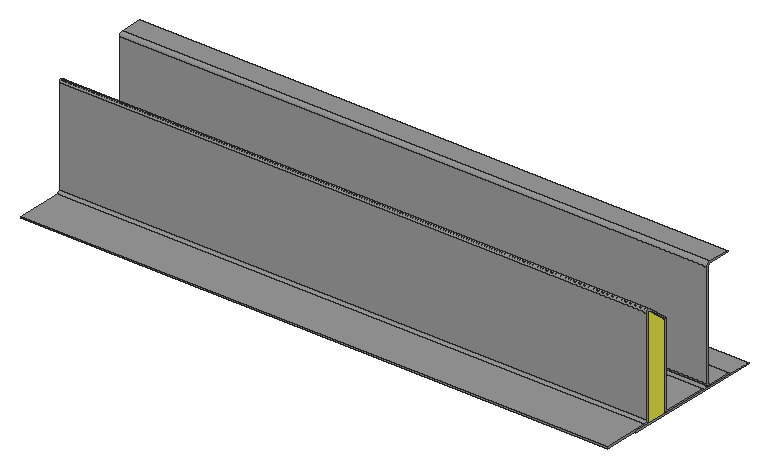
Revit family "L1 S 50 WOL 215", category Generic Models, Revit 2014
Parameters (values of type "Max lintel length 3600mm")
  URL = "http://iglintels.com/"
  Structural Opening [instance] = 900 mm
  Structural Performance = "The IG lintel range has safe working loads as detailed in each applicable loading table in the Keystone Lintel Guide brochure. The structural performance figures within each table have been ascertained by testing in accordance with the requirements of standards BS EN 5977-2: 1983 and BS EN 845-2: 2003."
  RIBA Productor Selector = "available for Keystone Lintels Ltd from Keystone Lintels Ltd from ribaproductselector.com"
  Model = "L1/S 50 WOL 215"
  Min Length = 600 mm
  Min Clear Span = 300 mm
  Max Length = 3600 mm
  Max Clear Span = 3600 mm
  Material - Stainless Steel = "Grade 304 2b 1.4307 to BS EN 10088-2. Other grades available on request: contact manufacturer."
  Material - Galvanised Steel = "To BS EN 10346: 2009. DX51D plus Z600 or grade Z275 to BS 5977-2: 1983 (BS EN 845-2: 2003)."
  Manufacturer = "IG"
  Manufactured Length [instance] = (roundup(Effective Length / 150 mm) * 150 mm)  # 1200 mm
  Lintel height [instance] = 2100 mm
  Keynote = "F30/755"
  Fire Performance = "IG lintels have been subjected to a fire test (WARRES No. 101263) in accordance with BS 476-20: 1987, at Exova Warrington Fire and achieved a one hour fire performance."
  End Bearing = 150 mm
  Effective Length [instance] = Clear Opening with MIN MAX set + End Bearing * 2  # 1200 mm
  Corrosion = "IG’s standard range of lintels are manufactured from high quality grade pre-galvanized carbon steel with a zinc coating of 600"
  Contact Tel = "01633 486 486"
  Contact Email = "info@igltd.co.uk"
  Clear Opening with MIN MAX set [instance] = if(Structural Opening < Min Clear Span, Min Clear Span, (if(Structural Opening > Max Clear Span, Max Clear Span, Structural Opening)))  # 900 mm
  CPD Information = "Available for Keystone Lintels Ltd from ribacpd.com"
Reference planes
  plane 1 "Center (Front/Back)": y = 0
  plane 2: z = 0
  plane 3 "Center (Left/Right)": x = 0
  plane 4: x = -600
  plane 5: x = 600
  plane 6: z = 2100
  plane 7: x = -450
  plane 8: x = 450
Forms (mm)
  Extrusion 1, solid, material "Steel"
    sketch origin (0, 770.701, -497.491) x (0, 1, 0) y (0, 0, 1)
      loop
        line (-895.986, 2597.491) -> (-800.986, 2597.491)
        arc (-800.986, 2597.491) -> (-795.4, 2599.805) -> (-793.086, 2605.391) r 7.9
        line (-793.086, 2605.391) -> (-793.086, 2801.621)
        arc (-793.086, 2801.621) -> (-791.932, 2803.433) -> (-789.801, 2803.153) r 2
        line (-789.801, 2803.153) -> (-751.601, 2771.106)
        arc (-751.601, 2771.106) -> (-751.074, 2770.419) -> (-750.886, 2769.574) r 2
        line (-750.886, 2769.574) -> (-750.886, 2605.391)
        arc (-750.886, 2605.391) -> (-748.572, 2599.805) -> (-742.986, 2597.491) r 7.9
        line (-742.986, 2597.491) -> (-652.986, 2597.491) -> (-652.986, 2600.391) -> (-742.986, 2600.391)
        arc (-742.986, 2600.391) -> (-746.522, 2601.856) -> (-747.986, 2605.391) r 5
        line (-747.986, 2605.391) -> (-747.986, 2769.574)
        arc (-747.986, 2769.574) -> (-748.445, 2771.645) -> (-749.737, 2773.328) r 4.9
        line (-749.737, 2773.328) -> (-787.937, 2805.375)
        arc (-787.937, 2805.375) -> (-793.157, 2806.062) -> (-795.986, 2801.621) r 4.9
        line (-795.986, 2801.621) -> (-795.986, 2605.391)
        arc (-795.986, 2605.391) -> (-797.451, 2601.856) -> (-800.986, 2600.391) r 5
        line (-800.986, 2600.391) -> (-895.986, 2600.391) -> (-895.986, 2597.491)
    from -600 to 600
  Extrusion 2, solid, material "Steel"
    sketch origin (0, 771.201, -497.491) x (0, 1, 0) y (0, 0, 1)
      loop
        line (-590.486, 2822.991) -> (-590.486, 2825.491) -> (-635.486, 2825.491)
        arc (-635.486, 2825.491) -> (-640.789, 2823.294) -> (-642.986, 2817.991) r 7.5
        line (-642.986, 2817.991) -> (-642.986, 2604.991)
        arc (-642.986, 2604.991) -> (-640.789, 2599.688) -> (-635.486, 2597.491) r 7.5
        line (-635.486, 2597.491) -> (-588.654, 2597.491) -> (-588.654, 2599.991) -> (-635.486, 2599.991)
        arc (-635.486, 2599.991) -> (-639.022, 2601.456) -> (-640.486, 2604.991) r 5
        line (-640.486, 2604.991) -> (-640.486, 2817.991)
        arc (-640.486, 2817.991) -> (-639.022, 2821.527) -> (-635.486, 2822.991) r 5
        line (-635.486, 2822.991) -> (-590.486, 2822.991)
    from -600 to 600
  Extrusion 3, solid, material "Steel"
    sketch origin (0, 771.532, -497.491) x (0, 1, 0) y (0, 0, 1)
      loop
        line (-824.986, 2597.491) -> (-824.986, 2594.991) -> (-537.986, 2594.991) -> (-537.986, 2597.491) -> (-824.986, 2597.491)
    from -600 to 600
  Extrusion 4, solid, material "Insulation"
    sketch origin (0, 770.701, -497.491) x (0, 1, 0) y (0, 0, 1)
      loop
        line (-800.986, 2597.491) -> (-742.986, 2597.491)
        arc (-742.986, 2597.491) -> (-748.572, 2599.805) -> (-750.886, 2605.391) r 7.9
        line (-750.886, 2605.391) -> (-750.886, 2769.574)
        arc (-750.886, 2769.574) -> (-751.074, 2770.419) -> (-751.601, 2771.106) r 2
        line (-751.601, 2771.106) -> (-789.801, 2803.153)
        arc (-789.801, 2803.153) -> (-791.932, 2803.433) -> (-793.086, 2801.621) r 2
        line (-793.086, 2801.621) -> (-793.086, 2605.391)
        arc (-793.086, 2605.391) -> (-795.4, 2599.805) -> (-800.986, 2597.491) r 7.9
    from -600 to 600
  Extrusion 5, solid, not visible
    sketch origin (0, 910.033, 1317.727) x (0, 1, 0) y (0, 0, 1)
      loop
        line (-590.486, 1222.991) -> (-590.486, 1225.491) -> (-635.486, 1225.491)
        arc (-635.486, 1225.491) -> (-640.789, 1223.294) -> (-642.986, 1217.991) r 7.5
        line (-642.986, 1217.991) -> (-642.986, 1004.991)
        arc (-642.986, 1004.991) -> (-640.789, 999.688) -> (-635.486, 997.491) r 7.5
        line (-635.486, 997.491) -> (-588.654, 997.491) -> (-588.654, 999.991) -> (-635.486, 999.991)
        arc (-635.486, 999.991) -> (-639.022, 1001.456) -> (-640.486, 1004.991) r 5
        line (-640.486, 1004.991) -> (-640.486, 1217.991)
        arc (-640.486, 1217.991) -> (-639.022, 1221.527) -> (-635.486, 1222.991) r 5
        line (-635.486, 1222.991) -> (-590.486, 1222.991)
    from 0 to 250
  Extrusion 6, solid, not visible
    sketch origin (0, 492.266, 1327.43) x (0, 1, 0) y (0, 0, 1)
      loop
        line (-895.986, 997.491) -> (-800.986, 997.491)
        arc (-800.986, 997.491) -> (-795.4, 999.805) -> (-793.086, 1005.391) r 7.9
        line (-793.086, 1005.391) -> (-793.086, 1201.621)
        arc (-793.086, 1201.621) -> (-791.932, 1203.433) -> (-789.801, 1203.153) r 2
        line (-789.801, 1203.153) -> (-751.601, 1171.106)
        arc (-751.601, 1171.106) -> (-751.074, 1170.419) -> (-750.886, 1169.574) r 2
        line (-750.886, 1169.574) -> (-750.886, 1005.391)
        arc (-750.886, 1005.391) -> (-748.572, 999.805) -> (-742.986, 997.491) r 7.9
        line (-742.986, 997.491) -> (-652.986, 997.491) -> (-652.986, 1000.391) -> (-742.986, 1000.391)
        arc (-742.986, 1000.391) -> (-746.522, 1001.856) -> (-747.986, 1005.391) r 5
        line (-747.986, 1005.391) -> (-747.986, 1169.574)
        arc (-747.986, 1169.574) -> (-748.445, 1171.645) -> (-749.737, 1173.328) r 4.9
        line (-749.737, 1173.328) -> (-787.937, 1205.375)
        arc (-787.937, 1205.375) -> (-793.157, 1206.062) -> (-795.986, 1201.621) r 4.9
        line (-795.986, 1201.621) -> (-795.986, 1005.391)
        arc (-795.986, 1005.391) -> (-797.451, 1001.856) -> (-800.986, 1000.391) r 5
        line (-800.986, 1000.391) -> (-895.986, 1000.391) -> (-895.986, 997.491)
    from 0 to 250
  Extrusion 7, solid, not visible
    sketch origin (0, 932.652, 1008.683) x (0, 1, 0) y (0, 0, 1)
      loop
        line (-824.986, 997.491) -> (-824.986, 994.991) -> (-537.986, 994.991) -> (-537.986, 997.491) -> (-824.986, 997.491)
    from 0 to 250
  Extrusion 8, solid, not visible
    sketch origin (0, 573.37, 817.883) x (0, 1, 0) y (0, 0, 1)
      loop
        line (-800.986, 997.491) -> (-742.986, 997.491)
        arc (-742.986, 997.491) -> (-748.572, 999.805) -> (-750.886, 1005.391) r 7.9
        line (-750.886, 1005.391) -> (-750.886, 1169.574)
        arc (-750.886, 1169.574) -> (-751.074, 1170.419) -> (-751.601, 1171.106) r 2
        line (-751.601, 1171.106) -> (-789.801, 1203.153)
        arc (-789.801, 1203.153) -> (-791.932, 1203.433) -> (-793.086, 1201.621) r 2
        line (-793.086, 1201.621) -> (-793.086, 1005.391)
        arc (-793.086, 1005.391) -> (-795.4, 999.805) -> (-800.986, 997.491) r 7.9
    from 0 to 250
Dimensions and locks
  equal spacing: plane 4, plane 3 "Center (Left/Right)", plane 5
  "Manufactured Length": plane 4 to plane 5
  "Lintel height": plane 6 to level
  "Structural Opening": plane 7 to plane 8
  equal spacing: plane 7, plane 3 "Center (Left/Right)", plane 8
  aligned and locked: level to plane 2
  aligned and locked: Extrusion 1 to plane 6
  aligned and locked: Extrusion 4 to plane 6
  aligned and locked: Extrusion 2 to plane 6
  aligned and locked: plane 6 to Extrusion 3
  aligned and locked: plane 5 to Extrusion 1
  aligned and locked: Extrusion 1 to plane 4
  aligned and locked: plane 5 to Extrusion 2
  aligned and locked: Extrusion 2 to plane 4
  aligned and locked: plane 5 to Extrusion 3
  aligned and locked: Extrusion 3 to plane 4
  aligned and locked: plane 5 to Extrusion 4
  aligned and locked: Extrusion 4 to plane 4
Automatic sketch dimensions
  Extrusion 1 sketch curve to Extrusion 1 sketch curve = 95 mm
  Extrusion 1 sketch curve to Extrusion 1 sketch curve = 2.9 mm
  Extrusion 1 sketch curve to Extrusion 1 sketch curve = 0 mm  (x17)
  Extrusion 1 sketch curve to Extrusion 1 sketch curve = 5 mm  (x2)
  Extrusion 1 sketch curve to Extrusion 1 sketch curve = 196.23 mm
  Extrusion 1 sketch curve to Extrusion 1 sketch curve = 2 mm
  Extrusion 1 sketch curve to Extrusion 1 sketch curve = 1.285 mm  (x2)
  Extrusion 1 sketch curve to Extrusion 1 sketch curve = 1.864 mm  (x2)
  Extrusion 1 sketch curve to Extrusion 1 sketch curve = 38.2 mm
  Extrusion 1 sketch curve to Extrusion 1 sketch curve = 32.047 mm
  Extrusion 1 sketch curve to Extrusion 1 sketch curve = 2.222 mm
  Extrusion 1 sketch curve to Extrusion 1 sketch curve = 1.532 mm
  Extrusion 1 sketch curve to Extrusion 1 sketch curve = 90 mm
  Extrusion 2 sketch curve to Extrusion 2 sketch curve = 45 mm
  Extrusion 2 sketch curve to Extrusion 2 sketch curve = 2.5 mm
  Extrusion 2 sketch curve to Extrusion 2 sketch curve = 5 mm  (x2)
  Extrusion 2 sketch curve to Extrusion 2 sketch curve = 213 mm
  Extrusion 2 sketch curve to Extrusion 2 sketch curve = 0 mm  (x8)
  Extrusion 2 sketch curve to Extrusion 2 sketch curve = 46.832 mm
  Extrusion 3 sketch curve to Extrusion 3 sketch curve = 287 mm
  Extrusion 3 sketch curve to Extrusion 3 sketch curve = 2.5 mm
  Extrusion 4 sketch curve to Extrusion 4 sketch curve = 7.9 mm  (x3)
  Extrusion 4 sketch curve to Extrusion 4 sketch curve = 50.1 mm
  Extrusion 4 sketch curve to Extrusion 4 sketch curve = 0 mm  (x3)
  Extrusion 4 sketch curve to Extrusion 4 sketch curve = 164.183 mm
  Extrusion 4 sketch curve to Extrusion 4 sketch curve = 32.047 mm
  Extrusion 4 sketch curve to Extrusion 4 sketch curve = 2 mm
  Extrusion 4 sketch curve to Extrusion 4 sketch curve = 0.715 mm
  Extrusion 4 sketch curve to Extrusion 4 sketch curve = 3.285 mm
  Extrusion 4 sketch curve to Extrusion 4 sketch curve = 1.532 mm
  Extrusion 5 sketch curve to Extrusion 5 sketch curve = 45 mm
  Extrusion 5 sketch curve to Extrusion 5 sketch curve = 2.5 mm
  Extrusion 5 sketch curve to Extrusion 5 sketch curve = 5 mm  (x2)
  Extrusion 5 sketch curve to Extrusion 5 sketch curve = 213 mm
  Extrusion 5 sketch curve to Extrusion 5 sketch curve = 0 mm  (x8)
  Extrusion 5 sketch curve to Extrusion 5 sketch curve = 46.832 mm
  Extrusion 6 sketch curve to Extrusion 6 sketch curve = 95 mm
  Extrusion 6 sketch curve to Extrusion 6 sketch curve = 2.9 mm
  Extrusion 6 sketch curve to Extrusion 6 sketch curve = 0 mm  (x17)
  Extrusion 6 sketch curve to Extrusion 6 sketch curve = 5 mm  (x2)
  Extrusion 6 sketch curve to Extrusion 6 sketch curve = 196.23 mm
  Extrusion 6 sketch curve to Extrusion 6 sketch curve = 2 mm
  Extrusion 6 sketch curve to Extrusion 6 sketch curve = 1.285 mm  (x2)
  Extrusion 6 sketch curve to Extrusion 6 sketch curve = 1.864 mm  (x2)
  Extrusion 6 sketch curve to Extrusion 6 sketch curve = 38.2 mm
  Extrusion 6 sketch curve to Extrusion 6 sketch curve = 32.047 mm
  Extrusion 6 sketch curve to Extrusion 6 sketch curve = 2.222 mm
  Extrusion 6 sketch curve to Extrusion 6 sketch curve = 1.532 mm
  Extrusion 6 sketch curve to Extrusion 6 sketch curve = 90 mm
  Extrusion 7 sketch curve to Extrusion 7 sketch curve = 287 mm
  Extrusion 7 sketch curve to Extrusion 7 sketch curve = 2.5 mm
  Extrusion 8 sketch curve to Extrusion 8 sketch curve = 7.9 mm  (x3)
  Extrusion 8 sketch curve to Extrusion 8 sketch curve = 50.1 mm
  Extrusion 8 sketch curve to Extrusion 8 sketch curve = 0 mm  (x3)
  Extrusion 8 sketch curve to Extrusion 8 sketch curve = 164.183 mm
  Extrusion 8 sketch curve to Extrusion 8 sketch curve = 32.047 mm
  Extrusion 8 sketch curve to Extrusion 8 sketch curve = 2 mm
  Extrusion 8 sketch curve to Extrusion 8 sketch curve = 0.715 mm
  Extrusion 8 sketch curve to Extrusion 8 sketch curve = 3.285 mm
  Extrusion 8 sketch curve to Extrusion 8 sketch curve = 1.532 mm
  Extrusion 4 sketch curve to plane 6 = 0 mm
  plane 1 "Center (Front/Back)" to Extrusion 4 sketch curve = 30.285 mm
  Extrusion 1 sketch curve to plane 6 = 0 mm
  plane 1 "Center (Front/Back)" to Extrusion 1 sketch curve = 125.285 mm
  Extrusion 3 sketch curve to plane 6 = 0 mm
  plane 1 "Center (Front/Back)" to Extrusion 3 sketch curve = 53.454 mm
  Extrusion 2 sketch curve to plane 6 = 0 mm
  Extrusion 2 sketch curve to plane 1 "Center (Front/Back)" = 128.215 mm
